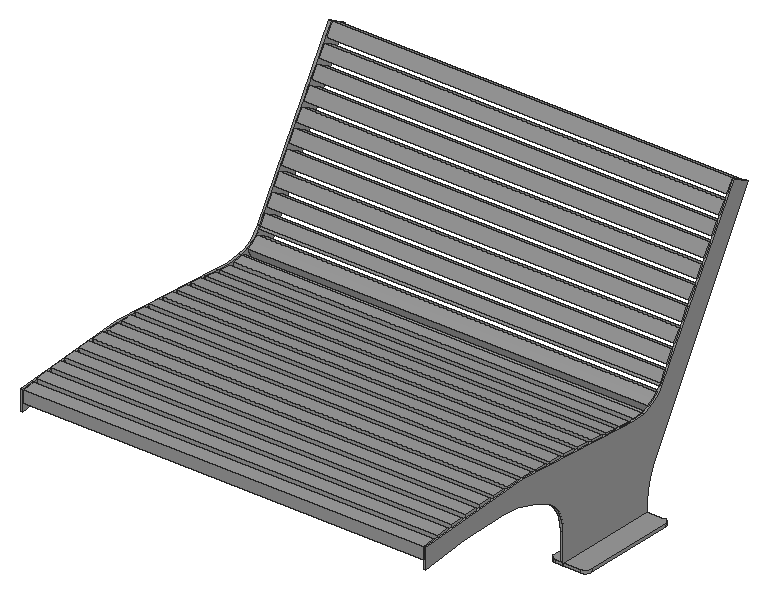
Revit family "Парковый лежак 9 Арт 13783", category Антураж, Revit 2018
Family settings
  На основе рабочей плоскости = Нет
  Всегда вертикально = Да
  При загрузке вырезать с полостями = Нет
  Источник визуального образа = Геометрия семейства
  Общий = Нет
  Точка расчета площади = Нет
Parameters (values of type "Модель 1600х1600")
  Ширина = 1600 mm  # constant formula
  Цвет сидения = Дерево Тик
  Цвет каркаса = Сталь
  Описание = if(Версия 800 мм, "Парковый лежак 9 800х1600", "Парковый лежак 9 1600х1600")  # "Парковый лежак 9 1600х1600"
  Материал изделия = "Сталь, дерево"  # constant formula
  Изображение типоразмера = Парковый лежак 9 1600 мм.jpg
  Изготовитель = "ООО «Хоббика»"  # constant formula
  Длина = if(Версия 800 мм, 800 mm, 1600 mm)  # 1600 mm
  Группа модели = "Лежаки и шезлонги"  # constant formula
  Высота = 1000 mm  # constant formula
  Версия 800 мм = no
  Версия 1600 мм = not(Версия 800 мм)  # yes
  Артикул товара = "Арт. 13783"  # constant formula
  URL = "https://hobbyka.ru/product/parkovyy_lezhak_9/"
Types (3, lengths in mm): name | Описание | Изображение типоразмера | Длина | Версия 800 мм | Версия 1600 мм
  (no name) | "Парковый лежак 9 1600х1600" | Парковый лежак 9 1600 мм.jpg | 1600 | no | yes
  Модель 800х1600 | "Парковый лежак 9 800х1600" | Парковый лежак 9 800 мм.jpg | 800 | yes | no
  Модель 1600х1600 | "Парковый лежак 9 1600х1600" | Парковый лежак 9 1600 мм.jpg | 1600 | no | yes
Reference planes
  plane 1 "По центру (Вперед/Назад)": y = 0
  plane 2: z = 0
  plane 3 "По центру (Влево/Вправо)": x = 0
  plane 4: x = 1600
  plane 5: y = -719.788
  plane 6: y = 880.212
  plane 7: z = 1000
  plane 8: x = 5
  plane 9: x = 1595
Forms (mm)
  Extrusion 1, solid, material "Дерево Тик" <- "Цвет сидения"
    sketch origin (0, 0, 0) x (0, 1, 0) y (0, 0, 1)
      loop
        arc (813.137, 1000) -> (799.531, 978.909) -> (785.948, 957.803) r 22170.984
        line (785.948, 957.803) -> (825.943, 936.8)
        arc (825.943, 936.8) -> (839.53, 957.905) -> (853.14, 978.993) r 22125.984
        line (853.14, 978.993) -> (813.137, 1000)
      loop
        arc (456.529, 429.076) -> (454.214, 425.375) -> (451.785, 421.748) r 139.089
        line (451.785, 421.748) -> (491.852, 400.708)
        arc (491.852, 400.708) -> (493.473, 403.25) -> (495.053, 405.818) r 184.089
        arc (495.053, 405.818) -> (506.45, 424.676) -> (517.866, 443.522) r 22125.984
        line (517.866, 443.522) -> (477.95, 464.483)
        arc (477.95, 464.483) -> (467.231, 446.784) -> (456.529, 429.076) r 22170.984
      loop
        arc (364.281, 364.483) -> (344.397, 361.178) -> (324.353, 359.045) r 343.381
        line (324.353, 359.045) -> (324.353, 313.928)
        arc (324.353, 313.928) -> (348.757, 316.36) -> (372.959, 320.328) r 388.381
        arc (372.959, 320.328) -> (379.466, 321.729) -> (385.918, 323.365) r 184.089
        line (385.918, 323.365) -> (374.071, 366.778)
        arc (374.071, 366.778) -> (369.197, 365.542) -> (364.281, 364.483) r 139.089
      loop
        arc (234.832, 363.418) -> (209.983, 366.569) -> (185.113, 369.55) r 3647.935
        line (185.113, 369.55) -> (185.113, 324.242)
        arc (185.113, 324.242) -> (209.983, 321.224) -> (234.832, 318.032) r 3602.935
        line (234.832, 318.032) -> (234.832, 363.418)
      loop
        arc (775.101, 940.909) -> (761.566, 919.781) -> (748.054, 898.637) r 22170.984
        line (748.054, 898.637) -> (788.038, 877.641)
        arc (788.038, 877.641) -> (801.554, 898.782) -> (815.093, 919.908) r 22125.984
        line (815.093, 919.908) -> (775.101, 940.909)
      loop
        arc (737.264, 881.714) -> (723.799, 860.549) -> (710.358, 839.368) r 22170.984
        line (710.358, 839.368) -> (750.331, 818.377)
        arc (750.331, 818.377) -> (763.776, 839.556) -> (777.244, 860.719) r 22125.984
        line (777.244, 860.719) -> (737.264, 881.714)
      loop
        arc (699.623, 822.415) -> (686.229, 801.213) -> (672.859, 779.995) r 22170.984
        line (672.859, 779.995) -> (712.822, 759.01)
        arc (712.822, 759.01) -> (726.196, 780.225) -> (739.594, 801.426) r 22125.984
        line (739.594, 801.426) -> (699.623, 822.415)
      loop
        arc (662.181, 763.013) -> (648.857, 741.773) -> (635.557, 720.519) r 22170.984
        line (635.557, 720.519) -> (675.511, 699.538)
        arc (675.511, 699.538) -> (688.814, 720.791) -> (702.141, 742.028) r 22125.984
        line (702.141, 742.028) -> (662.181, 763.013)
      loop
        arc (624.936, 703.506) -> (611.682, 682.23) -> (598.453, 660.939) r 22170.984
        line (598.453, 660.939) -> (638.397, 639.963)
        arc (638.397, 639.963) -> (651.63, 661.252) -> (664.887, 682.527) r 22125.984
        line (664.887, 682.527) -> (624.936, 703.506)
      loop
        arc (587.911, 643.933) -> (574.728, 622.62) -> (561.569, 601.292) r 22170.984
        line (561.569, 601.292) -> (601.504, 580.321)
        arc (601.504, 580.321) -> (614.666, 601.647) -> (627.852, 622.959) r 22125.984
        line (627.852, 622.959) -> (587.911, 643.933)
      loop
        arc (551.06, 584.22) -> (537.947, 562.87) -> (524.859, 541.504) r 22170.984
        line (524.859, 541.504) -> (564.786, 520.538)
        arc (564.786, 520.538) -> (577.877, 541.902) -> (590.993, 563.25) r 22125.984
        line (590.993, 563.25) -> (551.06, 584.22)
      loop
        arc (514.406, 524.403) -> (501.364, 503.016) -> (488.346, 481.614) r 22170.984
        line (488.346, 481.614) -> (528.264, 460.652)
        arc (528.264, 460.652) -> (541.285, 482.052) -> (554.331, 503.438) r 22125.984
        line (554.331, 503.438) -> (514.406, 524.403)
      loop
        arc (438.976, 405.885) -> (418.079, 387.622) -> (393.973, 373.872) r 139.089
        line (393.973, 373.872) -> (412.258, 332.754)
        arc (412.258, 332.754) -> (449.117, 354.603) -> (479.926, 384.381) r 184.089
        line (479.926, 384.381) -> (438.976, 405.885)
      loop
        line (-719.788, 361.851) -> (-719.788, 316.445)
        arc (-719.788, 316.445) -> (-695.019, 319.71) -> (-670.228, 322.804) r 3602.935
        line (-670.228, 322.804) -> (-670.228, 368.129)
        arc (-670.228, 368.129) -> (-695.019, 365.075) -> (-719.788, 361.851) r 3647.935
      loop
        line (-650.327, 370.456) -> (-650.327, 325.16)
        arc (-650.327, 325.16) -> (-625.477, 327.946) -> (-600.608, 330.559) r 3602.935
        line (-600.608, 330.559) -> (-600.608, 375.788)
        arc (-600.608, 375.788) -> (-625.477, 373.207) -> (-650.327, 370.456) r 3647.935
      loop
        line (-580.707, 377.729) -> (-580.707, 332.525)
        arc (-580.707, 332.525) -> (-555.855, 334.823) -> (-530.988, 336.948) r 3602.935
        line (-530.988, 336.948) -> (-530.988, 382.098)
        arc (-530.988, 382.098) -> (-555.855, 379.998) -> (-580.707, 377.729) r 3647.935
      loop
        line (-511.087, 383.654) -> (-511.087, 338.525)
        arc (-511.087, 338.525) -> (-486.234, 340.338) -> (-461.368, 341.979) r 3602.935
        line (-461.368, 341.979) -> (-461.368, 387.066)
        arc (-461.368, 387.066) -> (-486.234, 385.445) -> (-511.087, 383.654) r 3647.935
      loop
        line (-441.467, 388.24) -> (-441.467, 343.168)
        arc (-441.467, 343.168) -> (-416.612, 344.498) -> (-391.748, 345.656) r 3602.935
        line (-391.748, 345.656) -> (-391.748, 390.697)
        arc (-391.748, 390.697) -> (-416.612, 389.553) -> (-441.467, 388.24) r 3647.935
      loop
        line (-371.847, 391.49) -> (-371.847, 346.459)
        arc (-371.847, 346.459) -> (-346.99, 347.307) -> (-322.128, 347.984) r 3602.935
        line (-322.128, 347.984) -> (-322.128, 392.996)
        arc (-322.128, 392.996) -> (-346.99, 392.328) -> (-371.847, 391.49) r 3647.935
      loop
        line (-302.227, 393.409) -> (-302.227, 348.402)
        arc (-302.227, 348.402) -> (-277.369, 348.769) -> (-252.508, 348.965) r 3602.935
        line (-252.508, 348.965) -> (-252.508, 393.965)
        arc (-252.508, 393.965) -> (-277.369, 393.772) -> (-302.227, 393.409) r 3647.935
      loop
        line (-232.607, 393.998) -> (-232.607, 348.998)
        arc (-232.607, 348.998) -> (-207.747, 348.885) -> (-182.888, 348.601) r 3602.935
        line (-182.888, 348.601) -> (-182.888, 393.606)
        arc (-182.888, 393.606) -> (-207.747, 393.887) -> (-232.607, 393.998) r 3647.935
      loop
        line (-162.987, 393.259) -> (-162.987, 348.25)
        arc (-162.987, 348.25) -> (-138.125, 347.656) -> (-113.268, 346.891) r 3602.935
        line (-113.268, 346.891) -> (-113.268, 391.917)
        arc (-113.268, 391.917) -> (-138.125, 392.673) -> (-162.987, 393.259) r 3647.935
      loop
        line (-93.367, 391.19) -> (-93.367, 346.155)
        arc (-93.367, 346.155) -> (-68.504, 345.08) -> (-43.648, 343.833) r 3602.935
        line (-43.648, 343.833) -> (-43.648, 388.897)
        arc (-43.648, 388.897) -> (-68.504, 390.128) -> (-93.367, 391.19) r 3647.935
      loop
        line (-23.747, 387.789) -> (-23.747, 342.711)
        arc (-23.747, 342.711) -> (1.118, 341.154) -> (25.972, 339.424) r 3602.935
        line (25.972, 339.424) -> (25.972, 384.543)
        arc (25.972, 384.543) -> (1.118, 386.251) -> (-23.747, 387.789) r 3647.935
      loop
        line (45.873, 383.052) -> (45.873, 337.915)
        arc (45.873, 337.915) -> (70.74, 335.873) -> (95.592, 333.659) r 3602.935
        line (95.592, 333.659) -> (95.592, 378.849)
        arc (95.592, 378.849) -> (70.739, 381.036) -> (45.873, 383.052) r 3647.935
      loop
        line (115.493, 376.975) -> (115.493, 331.761)
        arc (115.493, 331.761) -> (140.361, 329.232) -> (165.212, 326.531) r 3602.935
        line (165.212, 326.531) -> (165.212, 371.81)
        arc (165.212, 371.81) -> (140.361, 374.478) -> (115.493, 376.975) r 3647.935
      loop
        line (254.733, 360.78) -> (254.733, 315.46)
        arc (254.733, 315.46) -> (279.554, 313.477) -> (304.452, 313.089) r 388.381
        line (304.452, 313.089) -> (304.452, 358.096)
        arc (304.452, 358.096) -> (279.543, 358.536) -> (254.733, 360.78) r 343.381
    from 5 to 1595
Dimensions and locks
  "Длина": plane 3 "По центру (Влево/Вправо)" to plane 4
  "Ширина": plane 6 to plane 5
  "Высота": plane 7 to level
  locked: plane 3 "По центру (Влево/Вправо)" to plane 8 at 5
  locked: plane 9 to plane 4 at 5
  aligned and locked: level to plane 2
  aligned and locked: plane 3 "По центру (Влево/Вправо)" to nested 1
  aligned and locked: plane 1 "По центру (Вперед/Назад)" to nested 1
  aligned and locked: plane 4 to nested 2
  aligned and locked: nested 2 to plane 1 "По центру (Вперед/Назад)"
  aligned and locked: Extrusion 1 to plane 8
  aligned and locked: plane 9 to Extrusion 1
Automatic sketch dimensions
  Extrusion 1 sketch curve to Extrusion 1 sketch curve = 0 mm  (x110)
  Extrusion 1 sketch curve to plane 5 = 0 mm
  Extrusion 1 sketch curve to plane 7 = 0 mm
  Extrusion 1 sketch curve to Extrusion 1 sketch curve = 39.4 mm
  Extrusion 1 sketch curve to Extrusion 1 sketch curve = 12.809 mm
  Extrusion 1 sketch curve to Extrusion 1 sketch curve = 26.165 mm
  Extrusion 1 sketch curve to Extrusion 1 sketch curve = 40.95 mm
  Extrusion 1 sketch curve to Extrusion 1 sketch curve = 10.396 mm
  Extrusion 1 sketch curve to Extrusion 1 sketch curve = 11.926 mm
  Extrusion 1 sketch curve to Extrusion 1 sketch curve = 26.061 mm
  Extrusion 1 sketch curve to Extrusion 1 sketch curve = 39.916 mm
  Extrusion 1 sketch curve to Extrusion 1 sketch curve = 10.452 mm
  Extrusion 1 sketch curve to Extrusion 1 sketch curve = 10.398 mm
  Extrusion 1 sketch curve to Extrusion 1 sketch curve = 26.201 mm
  Extrusion 1 sketch curve to Extrusion 1 sketch curve = 39.924 mm
  Extrusion 1 sketch curve to Extrusion 1 sketch curve = 10.509 mm  (x2)
  Extrusion 1 sketch curve to Extrusion 1 sketch curve = 10.455 mm
  Extrusion 1 sketch curve to Extrusion 1 sketch curve = 26.342 mm
  Extrusion 1 sketch curve to Extrusion 1 sketch curve = 39.933 mm
  Extrusion 1 sketch curve to Extrusion 1 sketch curve = 10.542 mm
  Extrusion 1 sketch curve to Extrusion 1 sketch curve = 10.511 mm
  Extrusion 1 sketch curve to Extrusion 1 sketch curve = 26.483 mm
  Extrusion 1 sketch curve to Extrusion 1 sketch curve = 39.942 mm
  Extrusion 1 sketch curve to Extrusion 1 sketch curve = 10.621 mm
  Extrusion 1 sketch curve to Extrusion 1 sketch curve = 10.545 mm
  Extrusion 1 sketch curve to Extrusion 1 sketch curve = 26.624 mm
  Extrusion 1 sketch curve to Extrusion 1 sketch curve = 39.951 mm
  Extrusion 1 sketch curve to Extrusion 1 sketch curve = 10.678 mm
  Extrusion 1 sketch curve to Extrusion 1 sketch curve = 10.624 mm
  Extrusion 1 sketch curve to Extrusion 1 sketch curve = 26.765 mm
  Extrusion 1 sketch curve to Extrusion 1 sketch curve = 39.96 mm
  Extrusion 1 sketch curve to Extrusion 1 sketch curve = 10.734 mm
  Extrusion 1 sketch curve to Extrusion 1 sketch curve = 10.681 mm
  Extrusion 1 sketch curve to Extrusion 1 sketch curve = 26.906 mm
  Extrusion 1 sketch curve to Extrusion 1 sketch curve = 39.97 mm
  Extrusion 1 sketch curve to Extrusion 1 sketch curve = 10.791 mm
  Extrusion 1 sketch curve to Extrusion 1 sketch curve = 10.737 mm
  Extrusion 1 sketch curve to plane 7 = 59.091 mm
  Extrusion 1 sketch curve to Extrusion 1 sketch curve = 27.047 mm
  Extrusion 1 sketch curve to Extrusion 1 sketch curve = 39.981 mm
  Extrusion 1 sketch curve to plane 7 = 42.197 mm
  Extrusion 1 sketch curve to Extrusion 1 sketch curve = 10.847 mm
  Extrusion 1 sketch curve to Extrusion 1 sketch curve = 10.794 mm
  Extrusion 1 sketch curve to Extrusion 1 sketch curve = 27.189 mm
  Extrusion 1 sketch curve to Extrusion 1 sketch curve = 39.992 mm
  Extrusion 1 sketch curve to Extrusion 1 sketch curve = 10.85 mm
  Extrusion 1 sketch curve to plane 6 = 27.072 mm
  level to Extrusion 1 sketch curve = 316.445 mm
  Extrusion 1 sketch curve to Extrusion 1 sketch curve = 45.405 mm
  Extrusion 1 sketch curve to Extrusion 1 sketch curve = 16.327 mm
  Extrusion 1 sketch curve to Extrusion 1 sketch curve = 21.504 mm
  Extrusion 1 sketch curve to Extrusion 1 sketch curve = 15.864 mm
  Extrusion 1 sketch curve to Extrusion 1 sketch curve = 42.814 mm
  Extrusion 1 sketch curve to Extrusion 1 sketch curve = 17.129 mm
  Extrusion 1 sketch curve to Extrusion 1 sketch curve = 20.961 mm
  Extrusion 1 sketch curve to Extrusion 1 sketch curve = 17.131 mm
  Extrusion 1 sketch curve to Extrusion 1 sketch curve = 17.1 mm
  Extrusion 1 sketch curve to Extrusion 1 sketch curve = 17.101 mm
  Extrusion 1 sketch curve to Extrusion 1 sketch curve = 17.07 mm
  Extrusion 1 sketch curve to Extrusion 1 sketch curve = 17.072 mm
  Extrusion 1 sketch curve to Extrusion 1 sketch curve = 17.004 mm
  Extrusion 1 sketch curve to Extrusion 1 sketch curve = 17.005 mm
  Extrusion 1 sketch curve to Extrusion 1 sketch curve = 17.011 mm
  Extrusion 1 sketch curve to Extrusion 1 sketch curve = 17.012 mm
  Extrusion 1 sketch curve to Extrusion 1 sketch curve = 16.981 mm
  Extrusion 1 sketch curve to Extrusion 1 sketch curve = 16.983 mm
  Extrusion 1 sketch curve to Extrusion 1 sketch curve = 16.952 mm
  Extrusion 1 sketch curve to Extrusion 1 sketch curve = 16.953 mm
  Extrusion 1 sketch curve to Extrusion 1 sketch curve = 16.922 mm
  Extrusion 1 sketch curve to Extrusion 1 sketch curve = 16.892 mm
  plane 5 to Extrusion 1 sketch curve = 49.559 mm
  Extrusion 1 sketch curve to Extrusion 1 sketch curve = 19.901 mm  (x16)
  Extrusion 1 sketch curve to Extrusion 1 sketch curve = 49.719 mm  (x8)
  plane 1 "По центру (Вперед/Назад)" to Extrusion 1 sketch curve = 43.648 mm
  Extrusion 1 sketch curve to plane 1 "По центру (Вперед/Назад)" = 25.972 mm
  Extrusion 1 sketch curve to Extrusion 1 sketch curve = 9.791 mm
  Extrusion 1 sketch curve to Extrusion 1 sketch curve = 12.958 mm
  Extrusion 1 sketch curve to Extrusion 1 sketch curve = 2.357 mm
  Extrusion 1 sketch curve to Extrusion 1 sketch curve = 3.037 mm
  Extrusion 1 sketch curve to Extrusion 1 sketch curve = 45.007 mm
  Extrusion 1 sketch curve to Extrusion 1 sketch curve = 0.949 mm
  Extrusion 1 sketch curve to Extrusion 1 sketch curve = 2.637 mm
  Extrusion 1 sketch curve to Extrusion 1 sketch curve = 2.295 mm
  Extrusion 1 sketch curve to Extrusion 1 sketch curve = 45.325 mm
  Extrusion 1 sketch curve to Extrusion 1 sketch curve = 45.307 mm
  Extrusion 1 sketch curve to Extrusion 1 sketch curve = 2.327 mm
  Extrusion 1 sketch curve to Extrusion 1 sketch curve = 2.26 mm
  Extrusion 1 sketch curve to Extrusion 1 sketch curve = 45.229 mm
  Extrusion 1 sketch curve to Extrusion 1 sketch curve = 45.214 mm
  Extrusion 1 sketch curve to Extrusion 1 sketch curve = 1.941 mm
  Extrusion 1 sketch curve to Extrusion 1 sketch curve = 1.874 mm
  Extrusion 1 sketch curve to Extrusion 1 sketch curve = 45.149 mm
  Extrusion 1 sketch curve to Extrusion 1 sketch curve = 45.137 mm
  Extrusion 1 sketch curve to Extrusion 1 sketch curve = 1.557 mm
  Extrusion 1 sketch curve to Extrusion 1 sketch curve = 1.491 mm
  Extrusion 1 sketch curve to Extrusion 1 sketch curve = 45.087 mm
  Extrusion 1 sketch curve to Extrusion 1 sketch curve = 45.078 mm
  Extrusion 1 sketch curve to Extrusion 1 sketch curve = 1.174 mm
  Extrusion 1 sketch curve to Extrusion 1 sketch curve = 1.108 mm
  Extrusion 1 sketch curve to Extrusion 1 sketch curve = 45.035 mm
  Extrusion 1 sketch curve to Extrusion 1 sketch curve = 0.793 mm
  Extrusion 1 sketch curve to Extrusion 1 sketch curve = 0.727 mm
  Extrusion 1 sketch curve to Extrusion 1 sketch curve = 45.013 mm
  Extrusion 1 sketch curve to Extrusion 1 sketch curve = 45.009 mm
  Extrusion 1 sketch curve to Extrusion 1 sketch curve = 0.413 mm
  Extrusion 1 sketch curve to Extrusion 1 sketch curve = 0.347 mm
  Extrusion 1 sketch curve to Extrusion 1 sketch curve = 45 mm
  Extrusion 1 sketch curve to Extrusion 1 sketch curve = 0.033 mm  (x2)
  Extrusion 1 sketch curve to Extrusion 1 sketch curve = 26.34 mm
  Extrusion 1 sketch curve to Extrusion 1 sketch curve = 14.831 mm
  Extrusion 1 sketch curve to Extrusion 1 sketch curve = 1.189 mm
  Extrusion 1 sketch curve to Extrusion 1 sketch curve = 0.803 mm
  Extrusion 1 sketch curve to Extrusion 1 sketch curve = 0.418 mm
  Extrusion 1 sketch curve to level = 11029.512 mm
  Extrusion 1 sketch curve to Extrusion 1 sketch curve = 26.296 mm
  Extrusion 1 sketch curve to Extrusion 1 sketch curve = 43.324 mm
  Extrusion 1 sketch curve to Extrusion 1 sketch curve = 2.572 mm
  Extrusion 1 sketch curve to Extrusion 1 sketch curve = 0.839 mm
Nested families
  nested 1: "Парковый лежак 9 опора" at (0, 0, 0), type "Парковый лежак 9 опора"
  nested 2: "Парковый лежак 9 опора" at (1600, 0, 0) x (-1, 0, 0) z (0, 0, 1), type "Парковый лежак 9 опора"
Definition of nested family "Парковый лежак 9 опора"
  Parameters (values of type "Парковый лежак 9 опора")
    Цвет каркаса = none
    Height = 0 mm
  Reference planes
    plane 1 "По центру (Вперед/Назад)": y = 0
    plane 2: z = 0
    plane 3 "По центру (Влево/Вправо)": x = 0
  Forms (mm)
    Extrusion 1, solid, material <- "Цвет каркаса"
      sketch origin (0, 0, 0) x (1, 0, 0) y (0, 1, 0)
        loop
          arc (-75, 375.212) -> (-92.678, 367.89) -> (-100, 350.212) r 25
          line (-100, 350.212) -> (-100, -14.788)
          arc (-100, -14.788) -> (-92.678, -32.465) -> (-75, -39.788) r 25
          line (-75, -39.788) -> (25, -39.788)
          arc (25, -39.788) -> (42.678, -32.465) -> (50, -14.788) r 25
          line (50, -14.788) -> (50, 350.212)
          arc (50, 350.212) -> (42.678, 367.89) -> (25, 375.212) r 25
          line (25, 375.212) -> (-75, 375.212)
      from 0 to 10
    Extrusion 2, solid, material <- "Цвет каркаса"
      sketch origin (0, 0, 0) x (0, 1, 0) y (0, 0, 1)
        loop
          line (375.212, 0) -> (375.212, 45)
          arc (375.212, 45) -> (383.033, 103.569) -> (405.946, 158.035) r 223.234
          arc (405.946, 158.035) -> (631.091, 568.432) -> (879.788, 965) r 8022.795
          line (879.788, 965) -> (813.137, 1000)
          arc (813.137, 1000) -> (632.666, 715.891) -> (456.529, 429.076) r 22170.984
          arc (456.529, 429.076) -> (417.234, 387.026) -> (364.281, 364.483) r 139.089
          arc (364.281, 364.483) -> (308.31, 358.19) -> (252.064, 361.13) r 343.381
          arc (252.064, 361.13) -> (-233.838, 393.999) -> (-719.788, 361.851) r 3647.935
          line (-719.788, 361.851) -> (-719.788, 283.634)
          arc (-719.788, 283.634) -> (-528.132, 307.421) -> (-335.031, 310.539) r 1800.14
          arc (-335.031, 310.539) -> (-226.44, 294.717) -> (-123.7, 256.16) r 512.974
          arc (-123.7, 256.16) -> (-62.45, 199.97) -> (-39.788, 120) r 152.425
          line (-39.788, 120) -> (-39.788, 0) -> (375.212, 0)
      from -5 to 5
  Dimensions and locks
    aligned and locked: level to plane 2
